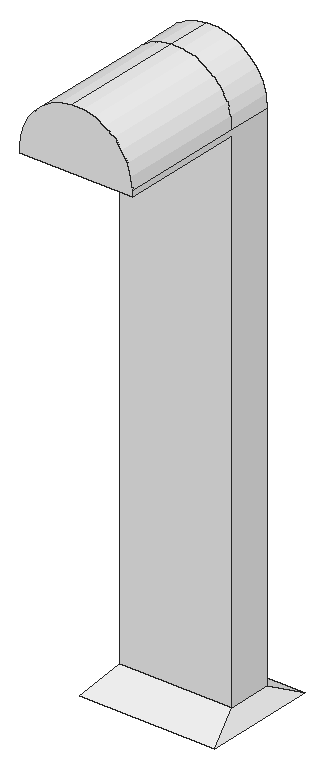
Revit family "SL1", category Lighting Fixtures, Revit 2021
Family settings
  Round Connector Dimension = Use Diameter
  Part Type = Normal
  OmniClass Number = 23.80.70.14
  OmniClass Title = Luminaries for External Lighting
  Work Plane-Based = Yes
  Always vertical = Yes
  Cut with Voids When Loaded = No
  Light Source = Yes
  Shared = No
  Room Calculation Point = No
Parameters (values of type "SL1")
  Wattage Comments = "default"
  Wattage = 56 W
  built-in parameter 1150110 = 1 (stored number, unit not read)
  Voltage = 120 V
  URL = "https://www.currentlighting.com/kimlighting"
  Type Comments = "Light Fixture"  # constant formula
  built-in parameter 1114217 = 1 (stored number, unit not read)
  Tilt Angle = 60.00°
  built-in parameter 1150109 = 1 (stored number, unit not read)
  built-in parameter 1150134 = 3
  built-in parameter 1150113 = 1 (stored number, unit not read)
  Series = "Site Lightforms"  # constant formula
  Radius = Diameter / 2  # 2.50"
  Product Page URL = ""
  Product Documentation Link = ""
  Power Factor = 1
  Photometric Web File = "sl1-36l3k.ies"
  Photometric Notes = "More IES files download on Photometric Web Link"  # constant formula
  Number of Poles = 1
  Model = "Site Lightforms"  # constant formula
  MasterFormat Title = "Landscape Lighting, Site Lighting, Walkway Lighting"  # constant formula
  Manufacturer = "Kim Lighting"  # constant formula
  built-in parameter 1150105 = 402.54 (stored number, unit not read)
  Lumens = 5058.48 lm
  built-in parameter 1150115 = 1 (stored number, unit not read)
  Load Classification = Lighting
  built-in parameter 1150137 = (empty or 0)
  built-in parameter 1150139 = (empty or 0)
  built-in parameter 1150112 = 1 (stored number, unit not read)
  built-in parameter 1150114 = 1 (stored number, unit not read)
  Lamp = "LED"  # constant formula
  built-in parameter 1150132 = (empty or 0)
  built-in parameter 1150102 = (empty or 0)
  built-in parameter 1150107 = 3200 (stored number, unit not read)
  built-in parameter 1150138 = (empty or 0)
  built-in parameter 1150106 = 4.0254 (stored number, unit not read)
  Height = 24.00"
  Glass = Glass-Temper Molded
  Finish = Powder Coat-White
  Emit from Rectangle Width = 4.00"
  Emit from Rectangle Length = 4.00"
  Emit Shape Visible in Rendering = no
  built-in parameter 1150104 = 8.3919 (stored number, unit not read)
  Dimming Lamp Color Temperature Shift = <None>
  Diameter = 5.00"  # constant formula
  Description = "Sight Lightforms are specifically designed and engineered to combine contemporary form with rugged vandal-resistant construction. All fixture heads are heavy-wall one-piece aluminum castings and head to shaft connections are concealed for greater strength and clean detailing."  # constant formula
  Default Elevation = 48.00"
  Color Filter = 16777215
  built-in parameter 1114218 = 1 (stored number, unit not read)
  built-in parameter 1150133 = 10 (stored number, unit not read)
  Assembly Code = "D5020200"
  Apparent Load = 56 VA
Reference planes (in)
  plane 1 "Light Source Axis (F/B)": y = 0
  plane 2: z = 0
  plane 3 "Light Source Axis (L/R)": x = 0
  plane 4 "Light Source Elevation": z = 37.62598
  plane 5: z = 42
  plane 6: x = -4
  plane 7: x = 4
  plane 8: y = -3.13
  plane 9: y = -11.13
Forms (in)
  Extrusion 1, solid, material "Powder Coat-White" <- "Finish"
    sketch origin (0, 0, 0) x (1, 0, 0) y (0, 0, 1)
      loop
        line (-4, 0) -> (4, 0) -> (4, 38)
        arc (4, 38) -> (2.7152, 40.93729) -> (-0.31384, 41.98767) r 4
        arc (-0.31384, 41.98767) -> (-2.93729, 40.7152) -> (-4, 38) r 4
        line (-4, 38) -> (-4, 0)
    from 0 to 3.13
  Extrusion 2, solid, material "Powder Coat-White" <- "Finish"
    sketch origin (0, 0, 0) x (1, 0, 0) y (0, 0, 1)
      loop
        line (-4, 37.62598) -> (4, 37.62598) -> (4, 38)
        arc (4, 38) -> (2.7152, 40.93729) -> (-0.31384, 41.98767) r 4
        arc (-0.31384, 41.98767) -> (-2.93729, 40.7152) -> (-4, 38) r 4
        line (-4, 38) -> (-4, 37.62598)
    from 0 to 12
  Blend 3, solid, material "Powder Coat-White" <- "Finish"
    base sketch origin (0, 0, 0) x (1, 0, 0) y (0, 1, 0)
      loop
        line (4.83696, 2.2641) -> (-4.78804, 2.2641) -> (-4.78804, -5.7359) -> (4.83696, -5.7359) -> (4.83696, 2.2641)
    top sketch origin (0, 0, 0) x (1, 0, 0) y (0, 1, 0)
      loop
        line (4, 0) -> (-4, 0) -> (-4, -3.13) -> (4, -3.13) -> (4, 0)
    from 0 to 1.16891
Cuts and joins
  joined: Extrusion 1, Extrusion 2, Blend 3
Nested families (in)
  nested 1: "Notation" at (0, 4.62623, 0), type "Notation"
Connectors (in)
  electrical at (0.02446, -1.7359, 0)
    settings: on cut or joined group of Extrusion 1, Extrusion 2, Blend 3, index 1, voltage 120 V, apparent load 56 VA, apparent load phase1 0 VA, apparent load phase2 0 VA, apparent load phase3 0 VA, power factor 0.9, load classification "Other", number of poles 1, system type 30, power factor state 1, is connector primary yes, connector utility no, sub classification motor no, connector description "Lighting Connector"
Definition of nested family "Notation"
  Parameters
    Notation = "LF"
  Reference planes (in)
    plane 1: y = 0
    plane 2: x = 0
  Text (in)
    label "Notation" at (0.02149, 0.07192, 0), shows "Notation"
